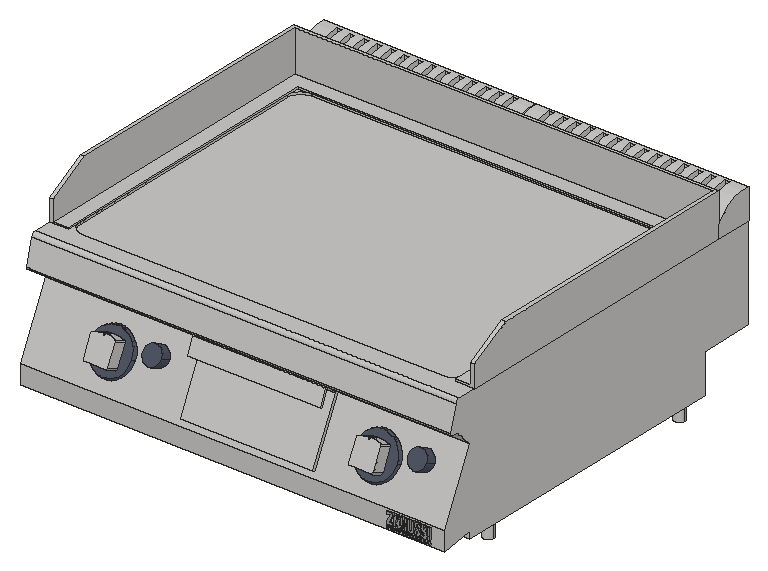
Revit family "QF_ZANUSSI_372330_Z7IIKAAOMEA", category Specialty Equipment, Revit 2018 (continued)
Definition of nested family "ZAN_Logo_S_Grey_Professional"
  Forms (mm)
    Extrusion 2, solid, material <- "Materiale"
      sketch origin (17.793, -46.218, 0) x (-1, 0, 0) y (0, -1, 0)
        loop
          spline (5.912, -35.015) -> (5.55, -34.687) -> (5.16, -34.396) -> (4.745, -34.14) -> (4.307, -33.92) -> (3.85, -33.734) -> (3.377, -33.583) -> (2.891, -33.466) -> (2.395, -33.383) -> (1.892, -33.333) -> (1.385, -33.316) -> (0.877, -33.331) -> (0.371, -33.378)
          spline (0.371, -33.378) -> (-0.163, -33.462) -> (-0.693, -33.587) -> (-1.213, -33.752) -> (-1.718, -33.957) -> (-2.205, -34.2) -> (-2.667, -34.48) -> (-3.1, -34.798) -> (-3.5, -35.151) -> (-3.861, -35.539) -> (-4.179, -35.961) -> (-4.449, -36.417) -> (-4.666, -36.904)
          spline (-4.666, -36.904) -> (-4.8, -37.505) -> (-4.888, -38.107) -> (-4.93, -38.709) -> (-4.927, -39.306) -> (-4.881, -39.897) -> (-4.792, -40.477) -> (-4.661, -41.045) -> (-4.489, -41.596) -> (-4.276, -42.128) -> (-4.025, -42.638) -> (-3.735, -43.122) -> (-3.407, -43.578)
          line (-3.407, -43.578) -> (1.63, -48.112) -> (2.26, -48.867)
          spline (2.26, -48.867) -> (2.325, -49.027) -> (2.392, -49.191) -> (2.459, -49.359) -> (2.521, -49.529) -> (2.576, -49.702) -> (2.622, -49.874) -> (2.654, -50.047) -> (2.67, -50.22) -> (2.667, -50.39) -> (2.642, -50.558) -> (2.591, -50.722) -> (2.512, -50.882)
          spline (2.512, -50.882) -> (2.439, -51.029) -> (2.347, -51.157) -> (2.24, -51.266) -> (2.12, -51.358) -> (1.989, -51.434) -> (1.851, -51.496) -> (1.707, -51.545) -> (1.56, -51.582) -> (1.414, -51.608) -> (1.27, -51.625) -> (1.131, -51.635) -> (1.001, -51.638)
          line (1.001, -51.638) -> (-0.259, -50.756) -> (-0.385, -48.112) -> (-4.54, -48.112)
          spline (-4.54, -48.112) -> (-4.545, -48.463) -> (-4.556, -48.822) -> (-4.572, -49.188) -> (-4.587, -49.557) -> (-4.598, -49.929) -> (-4.603, -50.3) -> (-4.597, -50.668) -> (-4.577, -51.031) -> (-4.54, -51.388) -> (-4.482, -51.735) -> (-4.399, -52.071) -> (-4.288, -52.393)
          spline (-4.288, -52.393) -> (-4.176, -52.644) -> (-4.031, -52.894) -> (-3.857, -53.139) -> (-3.659, -53.377) -> (-3.439, -53.607) -> (-3.202, -53.825) -> (-2.952, -54.031) -> (-2.693, -54.221) -> (-2.429, -54.394) -> (-2.163, -54.547) -> (-1.9, -54.678) -> (-1.644, -54.786)
        loop
          spline (-16.755, -52.519) -> (-16.407, -53.083) -> (-15.998, -53.58) -> (-15.535, -54.012) -> (-15.024, -54.38) -> (-14.474, -54.684) -> (-13.89, -54.927) -> (-13.28, -55.11) -> (-12.651, -55.233) -> (-12.009, -55.299) -> (-11.362, -55.308) -> (-10.717, -55.263) -> (-10.081, -55.163)
          spline (-10.081, -55.163) -> (-9.638, -55.08) -> (-9.196, -54.956) -> (-8.761, -54.793) -> (-8.336, -54.594) -> (-7.93, -54.36) -> (-7.547, -54.093) -> (-7.192, -53.794) -> (-6.872, -53.466) -> (-6.592, -53.109) -> (-6.358, -52.726) -> (-6.176, -52.319) -> (-6.051, -51.889)
          spline (-6.051, -51.889) -> (-5.857, -51.316) -> (-5.715, -50.731) -> (-5.626, -50.14) -> (-5.589, -49.548) -> (-5.605, -48.959) -> (-5.673, -48.379) -> (-5.794, -47.812) -> (-5.967, -47.263) -> (-6.193, -46.736) -> (-6.471, -46.237) -> (-6.802, -45.771) -> (-7.185, -45.341)
          line (-7.185, -45.341) -> (-11.844, -41.186) -> (-12.851, -39.675)
          spline (-12.851, -39.675) -> (-12.882, -39.483) -> (-12.91, -39.288) -> (-12.934, -39.09) -> (-12.949, -38.891) -> (-12.954, -38.692) -> (-12.946, -38.494) -> (-12.921, -38.299) -> (-12.879, -38.108) -> (-12.816, -37.922) -> (-12.729, -37.742) -> (-12.615, -37.57) -> (-12.473, -37.408)
          line (-12.473, -37.408) -> (-11.214, -37.156)
          spline (-11.214, -37.156) -> (-10.768, -37.262) -> (-10.429, -37.445) -> (-10.183, -37.695) -> (-10.015, -38) -> (-9.912, -38.349) -> (-9.86, -38.73) -> (-9.845, -39.132) -> (-9.852, -39.544) -> (-9.868, -39.954) -> (-9.879, -40.351) -> (-9.871, -40.723) -> (-9.829, -41.06)
          line (-9.829, -41.06) -> (-5.422, -40.934)
          spline (-5.422, -40.934) -> (-5.367, -40.392) -> (-5.333, -39.839) -> (-5.323, -39.279) -> (-5.342, -38.719) -> (-5.395, -38.162) -> (-5.485, -37.613) -> (-5.616, -37.077) -> (-5.795, -36.559) -> (-6.024, -36.064) -> (-6.308, -35.597) -> (-6.651, -35.162) -> (-7.059, -34.764)
          spline (-7.059, -34.764) -> (-7.58, -34.383) -> (-8.132, -34.06) -> (-8.711, -33.794) -> (-9.311, -33.584) -> (-9.927, -33.43) -> (-10.553, -33.331) -> (-11.184, -33.288) -> (-11.816, -33.299) -> (-12.442, -33.365) -> (-13.057, -33.484) -> (-13.657, -33.657) -> (-14.236, -33.882)
          spline (-14.236, -33.882) -> (-14.49, -33.99) -> (-14.747, -34.121) -> (-15.006, -34.276) -> (-15.262, -34.451) -> (-15.515, -34.646) -> (-15.763, -34.858) -> (-16.003, -35.086) -> (-16.232, -35.328) -> (-16.45, -35.582) -> (-16.653, -35.847) -> (-16.839, -36.12) -> (-17.007, -36.401)
          spline (-17.007, -36.401) -> (-17.229, -37.006) -> (-17.395, -37.624) -> (-17.502, -38.25) -> (-17.552, -38.882) -> (-17.544, -39.515) -> (-17.479, -40.147) -> (-17.355, -40.773) -> (-17.174, -41.391) -> (-16.936, -41.996) -> (-16.639, -42.586) -> (-16.285, -43.157) -> (-15.873, -43.704)
          line (-15.873, -43.704) -> (-10.584, -48.489) -> (-9.955, -50.126) -> (-10.459, -51.386) -> (-11.592, -51.638) -> (-12.851, -50.756) -> (-12.977, -48.238) -> (-17.258, -48.112)
          spline (-17.258, -48.112) -> (-17.236, -48.492) -> (-17.23, -48.875) -> (-17.233, -49.261) -> (-17.24, -49.646) -> (-17.245, -50.03) -> (-17.243, -50.41) -> (-17.227, -50.785) -> (-17.193, -51.152) -> (-17.134, -51.512) -> (-17.046, -51.86) -> (-16.921, -52.196) -> (-16.755, -52.519)
        loop
          line (-18.014, -33.378) -> (-22.421, -33.378) -> (-22.421, -54.911) -> (-18.014, -54.911) -> (-18.014, -33.378)
        loop
          line (14.852, -38.541) -> (14.852, -54.911) -> (19.259, -54.911) -> (19.259, -40.43) -> (19.008, -36.904) -> (18.63, -36.023) -> (17.748, -34.89) -> (16.867, -34.26) -> (15.104, -33.504) -> (14.223, -33.378) -> (12.208, -33.378) -> (11.2, -33.63) -> (9.689, -34.512) -> (7.926, -37.03) -> (7.8, -37.912) -> (7.8, -54.911) -> (12.208, -54.911) -> (12.208, -38.919) -> (12.711, -37.786) -> (14.097, -37.66) -> (14.852, -38.541)
        loop
          line (20.267, -54.911) -> (24.296, -54.911) -> (24.296, -41.186) -> (27.948, -54.911) -> (32.607, -54.911) -> (32.607, -33.378) -> (28.704, -33.378) -> (28.704, -47.608) -> (25.052, -33.378) -> (20.267, -33.378) -> (20.267, -54.911)
        loop
          line (47.089, -54.911) -> (58.044, -54.911) -> (58.044, -50.882) -> (52.251, -51.008) -> (58.548, -37.786) -> (58.548, -33.378) -> (47.089, -33.378) -> (47.089, -37.786) -> (53.698, -37.786) -> (47.089, -51.26) -> (47.089, -54.911)
        loop
          line (36.889, -54.911) -> (42.933, -54.911) -> (46.837, -33.378) -> (42.303, -33.378) -> (41.674, -37.534) -> (38.022, -37.534) -> (37.392, -33.378) -> (32.859, -33.378) -> (36.889, -54.911)
        loop
          line (41.17, -41.438) -> (38.652, -41.438) -> (39.911, -51.231) -> (41.17, -41.438)
        loop
          line (57.627, -27.599) -> (56.511, -27.599)
          arc (56.511, -27.599) -> (55.334, -29.219) -> (56.822, -30.559) r 1.496
          line (56.822, -30.559) -> (58.548, -30.559) -> (58.548, -26.082) -> (57.627, -26.082) -> (57.627, -27.599)
        loop
          line (57.627, -29.713) -> (57.627, -28.464) -> (56.699, -28.464)
          arc (56.699, -28.464) -> (56.24, -29.089) -> (56.699, -29.713) r 0.654
          line (56.699, -29.713) -> (57.627, -29.713)
        loop
          line (50.633, -27.625) -> (49.682, -27.625) -> (48.755, -26.082) -> (47.711, -26.082) -> (48.871, -27.993)
          arc (48.871, -27.993) -> (48.433, -29.601) -> (49.798, -30.559) r 1.45
          line (49.798, -30.559) -> (51.553, -30.559) -> (51.553, -26.082) -> (50.633, -26.082) -> (50.633, -27.625)
        loop
          line (50.633, -29.713) -> (50.633, -28.464) -> (49.705, -28.464)
          arc (49.705, -28.464) -> (49.245, -29.089) -> (49.705, -29.713) r 0.654
          line (49.705, -29.713) -> (50.633, -29.713)
        loop
          line (36.111, -26.082) -> (35.19, -26.082) -> (35.19, -27.797) -> (33.505, -27.797) -> (33.505, -28.718) -> (35.19, -28.718) -> (35.19, -29.639) -> (33.344, -29.639) -> (33.344, -30.559) -> (36.111, -30.559) -> (36.111, -26.082)
        loop
          line (29.546, -26.082) -> (26.666, -26.082) -> (26.666, -27.002) -> (28.626, -27.002) -> (28.626, -27.797) -> (26.835, -27.797) -> (26.835, -28.718) -> (28.626, -28.718) -> (28.626, -29.639) -> (26.71, -29.639) -> (26.71, -30.559) -> (29.546, -30.559) -> (29.546, -26.082)
        loop
          line (9.21, -26.082) -> (8.289, -26.082) -> (8.289, -30.559) -> (9.21, -30.559) -> (9.21, -26.082)
        loop
          line (-5.024, -26.082) -> (-5.024, -28.898) -> (-7.072, -26.082) -> (-7.993, -26.082) -> (-7.993, -30.559) -> (-7.037, -30.559) -> (-7.037, -27.659) -> (-4.989, -30.559) -> (-4.069, -30.559) -> (-4.069, -26.082) -> (-5.024, -26.082)
        loop
          line (-11.621, -26.082) -> (-12.61, -26.082) -> (-13.045, -27.048) -> (-14.702, -27.048) -> (-15.137, -26.082) -> (-16.125, -26.082) -> (-14.375, -30.558) -> (-13.454, -30.558) -> (-11.621, -26.082)
        loop
          line (-19.779, -26.082) -> (-22.421, -26.082) -> (-22.421, -27.002) -> (-20.7, -27.002) -> (-20.7, -30.559) -> (-19.779, -30.559) -> (-19.779, -26.082)
        loop
          line (-13.875, -29.102) -> (-13.395, -27.931) -> (-14.333, -27.931) -> (-13.875, -29.102)
        loop
          circle (2.094, -28.293) r 1.482
        loop
          circle (2.094, -28.293) r 2.376
        loop
          arc (16.413, -27.085) -> (15.386, -26.141) -> (13.991, -26.107) r 1.985
          arc (13.991, -26.107) -> (13.047, -26.998) -> (13.375, -28.254) r 1.274
          arc (13.375, -28.254) -> (14.04, -28.662) -> (14.749, -28.985) r 6.355
          arc (14.749, -28.985) -> (15.14, -29.579) -> (14.494, -29.876) r 0.469
          arc (14.494, -29.876) -> (14.107, -29.64) -> (13.784, -29.321) r 1.958
          line (13.784, -29.321) -> (12.995, -29.795)
          arc (12.995, -29.795) -> (13.493, -30.326) -> (14.109, -30.712) r 2.834
          arc (14.109, -30.712) -> (16.031, -29.813) -> (14.826, -28.067) r 1.389
          spline (14.826, -28.067) -> (14.485, -27.906) -> (14.237, -27.756) -> (14.069, -27.617) -> (13.971, -27.49) -> (13.931, -27.375) -> (13.937, -27.273) -> (13.977, -27.185) -> (14.041, -27.112) -> (14.116, -27.053) -> (14.191, -27.011) -> (14.254, -26.985) -> (14.293, -26.976)
          arc (14.293, -26.976) -> (15.035, -26.992) -> (15.586, -27.489) r 1.064
          line (15.586, -27.489) -> (16.413, -27.085)
        loop
          arc (23.156, -27.085) -> (22.129, -26.141) -> (20.734, -26.107) r 1.985
          arc (20.734, -26.107) -> (19.79, -26.998) -> (20.118, -28.254) r 1.274
          arc (20.118, -28.254) -> (20.783, -28.662) -> (21.492, -28.985) r 6.355
          arc (21.492, -28.985) -> (21.883, -29.579) -> (21.237, -29.876) r 0.469
          arc (21.237, -29.876) -> (20.849, -29.64) -> (20.527, -29.321) r 1.958
          line (20.527, -29.321) -> (19.738, -29.795)
          arc (19.738, -29.795) -> (20.236, -30.326) -> (20.852, -30.712) r 2.834
          arc (20.852, -30.712) -> (22.774, -29.813) -> (21.568, -28.067) r 1.389
          spline (21.568, -28.067) -> (21.228, -27.906) -> (20.979, -27.756) -> (20.812, -27.617) -> (20.714, -27.49) -> (20.674, -27.375) -> (20.68, -27.273) -> (20.72, -27.185) -> (20.784, -27.112) -> (20.859, -27.053) -> (20.933, -27.011) -> (20.996, -26.985) -> (21.036, -26.976)
          arc (21.036, -26.976) -> (21.778, -26.992) -> (22.329, -27.489) r 1.064
          line (22.329, -27.489) -> (23.156, -27.085)
        loop
          circle (42.369, -28.293) r 1.482
        loop
          circle (42.369, -28.293) r 2.376
      from 0 to 1.644
  Dimensions and locks
    aligned and locked: plane 2 to Extrusion 1
    aligned and locked: level to Extrusion 1
